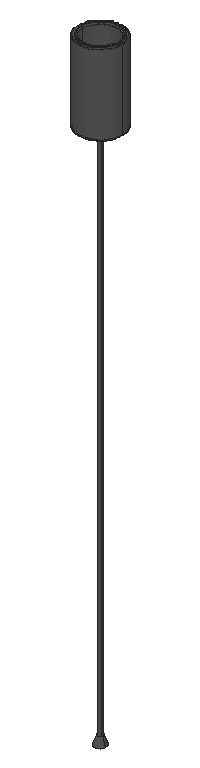
Revit family "CARLO CYLINDER LIGHT Pendant_ Surface", category Lighting Fixtures, host Face, Revit 2020 (continued)
Types (13): name | Wattage_Input | Wattage Comments | Wattage | built-in parameter 1150134 | Size 08 | Size 04 | Photometric Web File | built-in parameter 1150142 | Model | built-in parameter 1150105 | Lumens | built-in parameter 1150107 | built-in parameter 1150106 | Fixture Height | Fixture Diameter | BEAMING ANGLE | Apparent Load
    619 3.3253 3.4884 \r\n 3.6581 3.8442 4.0335 4.2105 4.3919 4.5911 4.8032 5.0333 5.2642 5.471 \r\n 5.6826 5.9235 6.1819 6.4525 6.7397 7.043 7.3719 7.7276 8.1342 8.6332 \r\n 9.1736 9.7053 10.267 10.826 11.547 12.607 13.936 15.523 17.366 19.301 \r\n 21.796 24.836 29.704 37.875 48.756 62.635 78.337 94.75 111.98 129.76 \r\n 148.09 166.83 186.02 205.69 225.65 245.99 265.92 285.12 302.28 315.35 \r\n 326.29 336.33 345.67 354.96 363.97 372.59 381.11 389.89 398.61 406.91 \r\n 415.25 424.12 433.11 441.85 450.7 460 469.51 479.06 488.83 498.68 \r\n 509.26 521.49 534.32 546.93 559.45 571.75 583.82 595.6 607.1 618.26 \r\n 629.17 639.91 650.42 660.62 670.72 681.05 691.22 700.92 710.15 718.64 \r\n 726.92 735.69 744.13 751.48 758.28 764.77 771.03 777.26 783.28 788.97 \r\n 794.36 799.45 804.17 808.35 812.32 816.42 820.4 824.07 827.51 830.74 \r\n 833.81 836.89 839.76 842.24 844.42 846.29 847.92 849.53 850.74 851.18 \r\n 849.27 \r\n2.1273 851.09 850.81 850.14 849.02 847.29 845.22 843.07 840.68 837.92 \r\n 834.89 831.76 828.26 824.05 819.57 815.31 810.83 805.8 800.43 794.75 \r\n 788.96 783.42 777.67 771.32 764.61 757.54 750.42 743.74 736.95 729.56 \r\n 721.81 713.8 705.43 696.55 687.41 678.27 668.95 659.44 649.62 639.32 \r\n 628.69 617.83 606.72 595.51 583.89 571.42 558.66 546.08 533.59 521.12 \r\n 509.12 498.12 487.78 477.99 468.54 459.17 450.01 441.11 432.45 423.96 \r\n 415.75 408.11 400.48 392.22 383.94 376.23 368.47 360.07 351.44 343.39 \r\n 334.05 321.42 306.7 290.48 272.66 253.05 232.48 211.7 190.71 169.7 \r\n 148.96 128.81 109.46 91.122 74.043 58.085 44.586 35.288 28.842 24.829 \r\n 22.204 19.697 17.563 15.599 13.909 12.541 11.461 10.699 10.118 9.5891 \r\n 9.1144 8.6434 8.2031 7.8074 7.4451 7.1118 6.8013 6.5038 6.2243 5.9641 \r\n 5.7245 5.5154 5.3129 5.0891 4.8667 4.6619 4.4658 4.2768 4.0894 3.8917 \r\n 3.7013 3.5386 3.3832 3.2164 3.0527 2.902 2.7601 2.6298 2.5 2.3554 \r\n 2.2113 2.0781 1.9556 1.8514 1.7523 1.6439 1.537 1.4363 1.3453 1.2741 \r\n 1.2067 1.1315 1.0571 0.98863 0.92525 0.86898 0.81586 0.76205 0.70919 0.6564 \r\n 0.60734 0.56809 0.53041 0.48567 0.44105 0.40146 0.3651 0.332 0.30171 0.2733 \r\n 0.24818 0.22899 0.21114 0.19053 0.16847 0.14375 0.11994 0.10118 0.084542 0.06748 \r\n 0.053024 0.046164 0.038476 0.018519 0.00033901 0 0 0 0 0 \r\n 0 0 0 0 0 0 0.00011595 0.0036939 0.010093 0.020047 \r\n 0.032779 0.046209 0.06498 0.098434 0.13039 0.14188 0.15064 0.17121 0.19414 0.21352 \r\n 0.23332 0.25467 0.28022 0.31538 0.35303 0.38545 0.41984 0.46327 0.50838 0.54738 \r\n 0.58861 0.64035 0.69503 0.74653 0.79882 0.85315 0.91156 0.97769 1.048 1.1205 \r\n 1.1944 1.2666 1.3421 1.4262 1.5158 1.6122 1.7113 1.8065 1.9067 2.0208 \r\n 2.1428 2.2712 2.4026 2.5284 2.6625 2.8212 2.9877 3.1481 3.3097 3.474 \r\n 3.6444 3.8288 4.0162 4.1924 4.3748 4.5788 4.7957 5.0271 5.2585 5.4659 \r\n 5.679 5.9249 6.1883 6.4603 6.7498 7.0605 7.399 7.7653 8.1829 8.6933 \r\n 9.242 9.7704 10.332 10.909 11.657 12.752 14.118 15.731 17.605 19.584 \r\n 22.155 25.354 30.385 38.623 49.586 63.654 79.607 96.365 113.88 131.73 \r\n 150 168.59 187.64 207.39 227.54 248.14 268.29 287.55 304.61 317.31 \r\n 327.89 337.9 347.26 356.5 365.48 374.18 382.76 391.45 400.05 408.31 \r\n 416.63 425.48 434.43 443.03 451.8 461.23 470.91 480.54 490.27 499.9 \r\n 510.26 522.57 535.53 548.24 560.78 572.89 584.78 596.62 608.21 619.28 \r\n 630.08 640.86 651.38 661.33 671.21 681.65 691.97 701.62 710.76 719.15 \r\n 727.34 736.06 744.46 751.8 758.51 764.63 770.6 777.04 783.38 789.22 \r\n 794.66 799.68 804.31 808.52 812.53 816.6 820.54 824.21 827.64 830.71 \r\n 833.69 836.94 840 842.41 844.47 846.38 848.06 849.56 850.66 851.12 \r\n 849.27 \r\n2.1273 851.11 850.8 850.12 848.99 847.24 845.14 843 840.6 837.79 \r\n 834.71 831.5 827.93 823.59 819.07 815 810.75 805.76 800.41 794.88 \r\n 789.2 783.55 777.7 771.47 764.88 757.77 750.55 743.7 736.83 729.76 \r\n 722.3 714.17 705.55 696.46 687.17 678.07 668.84 659.28 649.41 639.17 \r\n 628.64 617.85 606.81 595.6 583.93 571.33 558.45 545.82 533.3 520.77 \r\n 508.62 497.27 486.59 476.71 467.3 458.06 449.04 440.16 431.49 423.06 \r\n 414.9 407.21 399.53 391.28 383.03 375.34 367.58 359.13 350.47 342.49 \r\n 333.26 320.76 306.22 290.34 272.69 252.57 231.41 210.53 189.59 168.52 \r\n 147.87 128.24 109.45 91.437 74.473 58.264 44.469 35.174 28.795 24.767 \r\n 22.124 19.633 17.526 15.594 13.931 12.571 11.495 10.744 10.17 9.6327 \r\n 9.1466 8.6739 8.2339 7.8362 7.4722 7.1392 6.8293 6.5316 6.252 5.9922 \r\n 5.7533 5.5456 5.3436 5.116 4.8903 4.6877 4.4948 4.3062 4.1181 3.9185 \r\n 3.7268 3.5662 3.4128 3.2444 3.0782 2.9251 2.7824 2.656 2.5305 2.3862 \r\n 2.242 2.1117 1.9908 1.8826 1.7781 1.6658 1.5561 1.4544 1.3633 1.2932 \r\n 1.2263 1.1501 1.0748 1.0073 0.94553 0.89138 0.83959 0.78388 0.72916 0.67821 \r\n 0.63116 0.59097 0.55195 0.50729 0.46333 0.42536 0.38979 0.35358 0.32033 0.29352 \r\n 0.27049 0.25074 0.2314 0.20876 0.18497 0.15969 0.13674 0.12222 0.10905 0.08993 \r\n 0.071688 0.0622 0.051056 0.024494 0.00045376 0 0 0 0 0 \r\n 0 0 0 0 0 0 0.000032 0.00066866 0.0027948 0.0072918 \r\n 0.014745 0.023617 0.041154 0.082693 0.12242 0.13126 0.13437 0.15001 0.16981 0.19164 \r\n 0.21499 0.23708 0.26256 0.29729 0.33488 0.36916 0.40543 0.44897 0.49372 0.53246 \r\n 0.57393 0.62749 0.68403 0.73589 0.78805 0.84224 0.90046 0.96621 1.0367 1.1113 \r\n 1.1871 1.2583 1.3325 1.4169 1.5079 1.6069 1.7068 1.7954 1.889 2.0041 \r\n 2.1279 2.2526 2.3795 2.5024 2.6361 2.8014 2.9748 3.1355 3.2958 3.4609 \r\n 3.6319 3.815 4.0011 4.1772 4.3609 4.5689 4.7899 5.0223 5.2541 5.4624 \r\n 5.6775 5.9272 6.1949 6.4687 6.761 7.0784 7.4253 7.8005 8.2269 8.7463 \r\n 9.301 9.8255 10.386 10.977 11.748 12.873 14.27 15.905 17.807 19.826 \r\n 22.461 25.781 30.929 39.198 50.202 64.395 80.537 97.599 115.4 133.35 \r\n 151.62 170.09 189.05 208.9 229.22 250.04 270.37 289.65 306.62 319.02 \r\n 329.32 339.29 348.68 357.88 366.82 375.58 384.2 392.78 401.26 409.49 \r\n 417.8 426.62 435.52 444 452.69 462.24 472.06 481.76 491.49 500.92 \r\n 511.1 523.45 536.53 549.33 561.91 573.85 585.57 597.47 609.13 620.11 \r\n 630.82 641.63 652.15 661.88 671.56 682.09 692.53 702.14 711.19 719.51 \r\n 727.62 736.27 744.61 751.97 758.63 764.43 770.13 776.74 783.35 789.35 \r\n 794.89 799.83 804.37 808.64 812.72 816.76 820.65 824.34 827.76 830.71 \r\n 833.59 836.99 840.21 842.56 844.53 846.49 848.2 849.6 850.59 851.07 \r\n 849.27 \r\n2.1273 851.15 850.82 850.09 848.92 847.17 845.08 842.91 840.47 837.63 \r\n 834.51 831.27 827.65 823.27 818.75 814.83 810.75 805.8 800.5 795.17 \r\n 789.63 783.79 777.74 771.6 765.16 758.11 750.89 743.89 736.91 730 \r\n 722.72 714.5 705.72 696.52 687.15 678.03 668.79 659.17 649.26 639.04 \r\n 628.55 617.81 606.8 595.58 583.88 571.23 558.3 545.63 533.07 520.5 \r\n 508.28 496.73 485.87 475.93 466.52 457.37 448.44 439.57 430.9 422.5 \r\n 414.35 406.59 398.85 390.62 382.4 374.72 366.93 358.42 349.69 341.67 \r\n 332.47 320.17 305.84 290.09 272.44 252 230.51 209.58 188.71 167.69 \r\n 147.17 127.85 109.39 91.606 74.765 58.498 44.583 35.212 28.772 24.708 \r\n 22.051 19.571 17.487 15.58 13.941 12.588 11.515 10.775 10.208 9.6637 \r\n 9.1678 8.69 8.2469 7.8483 7.4845 7.1521 6.8426 6.5441 6.2639 6.0055 \r\n 5.7682 5.5605 5.3575 5.1273 4.8995 4.6981 4.5069 4.3185 4.1301 3.9296 \r\n 3.7372 3.5774 3.4247 3.2553 3.088 2.9342 2.7912 2.6659 2.5418 2.3981 \r\n 2.2546 2.1267 2.0076 1.8975 1.7904 1.6771 1.5669 1.4658 1.3754 1.3055 \r\n 1.2386 1.162 1.0865 1.0197 0.95887 0.90612 0.85521 0.79828 0.74231 0.69226 \r\n 0.64624 0.60536 0.56554 0.52116 0.47795 0.44132 0.40654 0.36867 0.33373 0.30773 \r\n 0.28572 0.26522 0.24469 0.22093 0.19637 0.17107 0.14892 0.13688 0.1257 0.10565 \r\n 0.085079 0.072391 0.05764 0.027398 0.00052033 0 0 0 0 0 \r\n 0 0 0 0 0 0 0.000005 0 0.00040986 0.0034866 \r\n 0.0094144 0.016107 0.03263 0.077356 0.12027 0.1282 0.12901 0.14188 0.15979 0.18325 \r\n 0.20892 0.23181 0.2575 0.29173 0.32894 0.36415 0.40136 0.44465 0.48891 0.52749 \r\n 0.56912 0.62357 0.68109 0.73348 0.78584 0.83973 0.89747 0.96269 1.033 1.1087 \r\n 1.1854 1.2559 1.3294 1.4138 1.5053 1.6055 1.7057 1.7916 1.8824 1.9987 \r\n 2.1218 2.2439 2.3681 2.4905 2.625 2.7925 2.968 3.1288 3.2889 3.4541 \r\n 3.6252 3.8079 3.9938 4.1707 4.3555 4.5652 4.7877 5.0203 5.2522 5.462 \r\n 5.6786 5.929 6.1974 6.4733 6.7683 7.0893 7.4401 7.8188 8.2485 8.771 \r\n 9.3277 9.8499 10.409 11.006 11.786 12.925 14.337 15.983 17.898 19.942 \r\n 22.605 25.957 31.126 39.382 50.366 64.542 80.706 97.895 115.85 133.94 \r\n 152.32 170.79 189.77 209.72 230.17 251.12 271.56 290.84 307.75 320.03 \r\n 330.2 340.14 349.54 358.7 367.62 376.37 384.97 393.45 401.82 410.02 \r\n 418.33 427.09 435.93 444.35 453 462.57 472.43 482.18 491.93 501.29 \r\n 511.4 523.75 536.86 549.72 562.33 574.22 585.87 597.79 609.47 620.4 \r\n 631.06 641.88 652.4 662.02 671.59 682.15 692.62 702.17 711.13 719.43 \r\n 727.5 736.04 744.29 751.68 758.37 764.01 769.56 776.19 782.92 789.16 \r\n 794.9 799.78 804.22 808.57 812.73 816.75 820.6 824.33 827.78 830.67 \r\n 833.51 836.99 840.3 842.64 844.6 846.57 848.29 849.64 850.59 851.08 \r\n 849.27 \r\n2.1273 851.24 850.88 850.07 848.81 847.09 845.03 842.81 840.3 837.43 \r\n 834.3 831.06 827.46 823.12 818.66 814.83 810.84 805.95 800.73 795.66 \r\n 790.28 784.15 777.78 771.72 765.47 758.58 751.45 744.35 737.22 730.31 \r\n 723.05 714.78 705.97 696.78 687.4 678.17 668.82 659.14 649.19 638.95 \r\n 628.45 617.72 606.72 595.49 583.78 571.16 558.25 545.56 532.95 520.35 \r\n 508.12 496.59 485.73 475.73 466.28 457.16 448.28 439.42 430.74 422.34 \r\n 414.17 406.32 398.5 390.3 382.12 374.4 366.56 357.98 349.16 340.99 \r\n 331.73 319.69 305.61 289.77 271.93 251.39 229.86 208.96 188.17 167.31 \r\n 146.95 127.7 109.31 91.635 74.921 58.806 44.966 35.427 28.783 24.657 \r\n 21.987 19.513 17.449 15.561 13.938 12.59 11.52 10.789 10.229 9.6806 \r\n 9.1764 8.6899 8.24 7.8416 7.4801 7.1485 6.8391 6.5391 6.2578 6.002 \r\n 5.7671 5.5577 5.3522 5.1208 4.8923 4.6908 4.4998 4.3114 4.123 3.9227 \r\n 3.7304 3.5698 3.4163 3.2469 3.0799 2.9271 2.7846 2.6573 2.5313 2.3883 \r\n 2.2466 2.1205 2.0031 1.8937 1.7873 1.6761 1.5683 1.4691 1.3801 1.3098 \r\n 1.2425 1.1662 1.0912 1.0246 0.96404 0.91185 0.86132 0.80399 0.74745 0.69721 \r\n 0.65105 0.60981 0.56983 0.52595 0.48351 0.44785 0.41385 0.37601 0.34085 0.3148 \r\n 0.29252 0.2711 0.24971 0.2259 0.20168 0.17701 0.15552 0.14391 0.13297 0.11332 \r\n 0.092134 0.075738 0.057345 0.026797 0.00053117 0 0 0 0 0 \r\n 0 0 0 0 0 0 0.000042 0.00091503 0.003657 0.0099374 \r\n 0.018648 0.025918 0.041706 0.084011 0.12485 0.13382 0.13617 0.14878 0.16632 0.1904 \r\n 0.21694 0.24065 0.2668 0.3005 0.33699 0.37205 0.40912 0.45175 0.4954 0.53393 \r\n 0.57564 0.6299 0.68737 0.74046 0.79338 0.8468 0.90376 0.96829 1.038 1.1135 \r\n 1.1902 1.2605 1.3336 1.4177 1.5088 1.6083 1.7081 1.795 1.8864 2.0009 \r\n 2.122 2.2445 2.3703 2.4953 2.6314 2.796 2.9682 3.1291 3.2898 3.4546 \r\n 3.6254 3.8087 3.9955 4.174 4.3598 4.5684 4.7894 5.0213 5.2531 5.4648 \r\n 5.6826 5.9297 6.195 6.4731 6.7709 7.0918 7.4411 7.8175 8.2443 8.7636 \r\n 9.3177 9.8399 10.399 10.99 11.765 12.899 14.308 15.951 17.864 19.915 \r\n 22.568 25.853 30.938 39.134 50.034 64.035 80.035 97.149 115.12 133.38 \r\n 151.97 170.6 189.69 209.75 230.27 251.28 271.74 291.01 307.91 320.24 \r\n 330.46 340.38 349.74 358.9 367.8 376.48 384.99 393.35 401.63 409.82 \r\n 418.11 426.81 435.58 444 452.65 462.13 471.92 481.68 491.48 500.93 \r\n 511.1 523.4 536.45 549.32 561.97 573.91 585.61 597.51 609.15 620.08 \r\n 630.73 641.55 652.07 661.69 671.26 681.78 692.18 701.65 710.55 718.86 \r\n 726.94 735.32 743.43 750.88 757.68 763.34 768.87 775.37 782.04 788.6 \r\n 794.66 799.49 803.83 808.27 812.54 816.54 820.37 824.15 827.67 830.61 \r\n 833.47 836.94 840.23 842.65 844.67 846.63 848.33 849.7 850.68 851.15 \r\n 849.27 \r\n2.1273 851.34 850.97 850.03 848.67 847 844.99 842.69 840.09 837.19 \r\n 834.06 830.84 827.29 823.04 818.67 814.9 810.96 806.13 801.02 796.25 \r\n 791.07 784.56 777.79 771.8 765.78 759.13 752.16 744.95 737.64 730.62 \r\n 723.29 715.01 706.22 697.1 687.75 678.38 668.84 659.09 649.1 638.8 \r\n 628.26 617.52 606.52 595.27 583.56 571.02 558.18 545.45 532.8 520.21 \r\n 508.02 496.6 485.85 475.81 466.29 457.19 448.34 439.49 430.81 422.39 \r\n 414.17 406.2 398.28 390.13 382 374.23 366.29 357.63 348.7 340.29 \r\n 330.88 319.13 305.33 289.25 271.11 250.59 229.15 208.32 187.63 167.01 \r\n 146.85 127.56 109.1 91.501 74.938 59.122 45.489 35.734 28.799 24.598 \r\n 21.919 19.449 17.403 15.531 13.923 12.581 11.515 10.794 10.241 9.689 \r\n 9.177 8.6795 8.2205 7.823 7.465 7.1347 6.8257 6.5236 6.241 5.9887 \r\n 5.7568 5.5447 5.3356 5.1036 4.8752 4.673 4.4813 4.2927 4.1045 3.9052 \r\n 3.7133 3.5512 3.3961 3.2271 3.0612 2.9105 2.769 2.6377 2.5078 2.3658 \r\n 2.2265 2.1021 1.9865 1.8792 1.7754 1.6681 1.5643 1.4682 1.3811 1.3101 \r\n 1.2419 1.1663 1.0922 1.0257 0.96514 0.91305 0.8626 0.80528 0.74854 0.69755 \r\n 0.65065 0.60915 0.56931 0.52614 0.48465 0.44989 0.41675 0.37981 0.34514 0.31856 \r\n 0.29535 0.27285 0.25074 0.22745 0.20417 0.18051 0.1597 0.14748 0.13588 0.11735 \r\n 0.096396 0.075573 0.05311 0.024137 0.00051033 0 0 0 0 0 \r\n 0 0 0 0 0 0 0.00011595 0.0035038 0.010141 0.022291 \r\n 0.036247 0.045594 0.060727 0.097367 0.13312 0.14437 0.1505 0.16416 0.182 0.20623 \r\n 0.23297 0.25765 0.28452 0.3176 0.35307 0.38741 0.42375 0.46546 0.50838 0.54691 \r\n 0.58866 0.64214 0.69904 0.75296 0.80669 0.85952 0.91547 0.97914 1.0481 1.1227 \r\n 1.1987 1.269 1.3421 1.4257 1.5159 1.6135 1.7121 1.8009 1.8936 2.0053 \r\n 2.1262 2.2509 2.38 2.5095 2.6478 2.8065 2.9723 3.1332 3.2954 3.4592 \r\n 3.6293 3.8139 4.0027 4.1834 4.3703 4.5762 4.7939 5.0244 5.256 5.4701 \r\n 5.689 5.9305 6.1905 6.471 6.7718 7.0905 7.4353 7.8056 8.2254 8.7372 \r\n 9.2854 9.8082 10.366 10.946 11.705 12.824 14.218 15.85 17.751 19.8 \r\n 22.417 25.569 30.495 38.591 49.355 63.072 78.786 95.709 113.62 132.09 \r\n 150.97 169.84 189.13 209.3 229.88 250.87 271.3 290.53 307.44 319.94 \r\n 330.32 340.24 349.55 358.72 367.61 376.17 384.54 392.79 400.98 409.16 \r\n 417.45 426.05 434.74 443.21 451.88 461.21 470.85 480.61 490.49 500.11 \r\n 510.42 522.65 535.58 548.42 561.11 573.19 585.01 596.86 608.42 619.36 \r\n 630.04 640.84 651.36 661.07 670.7 681.12 691.4 700.77 709.62 717.98 \r\n 726.09 734.28 742.23 749.77 756.71 762.52 768.11 774.37 780.88 787.81 \r\n 794.27 799.06 803.29 807.84 812.23 816.22 820.02 823.88 827.51 830.53 \r\n 833.45 836.85 840.08 842.61 844.76 846.69 848.35 849.77 850.8 851.27 \r\n 849.27 \r\n2.1273 851.48 851.07 849.99 848.5 846.89 844.97 842.56 839.83 836.91 \r\n 833.79 830.61 827.13 823.03 818.79 815.04 811.11 806.34 801.35 796.95 \r\n 791.98 785.02 777.76 771.85 766.07 759.74 753.01 745.69 738.16 730.94 \r\n 723.46 715.18 706.46 697.49 688.22 678.64 668.85 659.02 648.98 638.6 \r\n 627.98 617.21 606.19 594.91 583.21 570.8 558.07 545.32 532.62 520.05 \r\n 507.95 496.78 486.24 476.16 466.55 457.44 448.61 439.79 431.11 422.65 \r\n 414.36 406.25 398.21 390.11 382.04 374.19 366.13 357.37 348.31 339.57 \r\n 329.94 318.51 305 288.52 269.97 249.57 228.39 207.66 187.1 166.79 \r\n 146.88 127.43 108.77 91.206 74.817 59.445 46.152 36.13 28.82 24.532 \r\n 21.848 19.379 17.35 15.491 13.895 12.56 11.499 10.788 10.242 9.6888 \r\n 9.1695 8.6587 8.1884 7.7924 7.4394 7.1107 6.8021 6.4976 6.2133 5.9655 \r\n 5.7375 5.5214 5.3074 5.0757 4.8481 4.6446 4.4514 4.2624 4.0745 3.8769 \r\n 3.6861 3.5216 3.3641 3.1959 3.0319 2.8844 2.7443 2.6073 2.4715 2.3306 \r\n 2.1942 2.0715 1.9579 1.8539 1.7545 1.6531 1.555 1.4631 1.3784 1.3062 \r\n 1.2369 1.1623 1.0895 1.0231 0.96216 0.90973 0.85903 0.80213 0.74556 0.69327 \r\n 0.64504 0.60338 0.56396 0.52173 0.48136 0.44744 0.41526 0.38007 0.3466 0.31901 \r\n 0.29419 0.27047 0.2478 0.22558 0.20385 0.18159 0.16144 0.14757 0.13442 0.11776 \r\n 0.097865 0.071895 0.044934 0.019417 0.00045858 0 0 0 0 0 \r\n 0 0 0 0 0 0 0.00022726 0.0074112 0.019861 0.040546 \r\n 0.062212 0.075136 0.089691 0.11743 0.14509 0.15984 0.17202 0.18799 0.20686 0.23075 \r\n 0.257 0.28281 0.31067 0.34303 0.3772 0.41023 0.44527 0.48579 0.52784 0.56644 \r\n 0.60819 0.66031 0.71609 0.77099 0.82577 0.87787 0.93258 0.99526 1.0631 1.1363 \r\n 1.2112 1.2816 1.3549 1.4377 1.5264 1.6211 1.7177 1.8092 1.9039 2.0151 \r\n 2.1358 2.2637 2.3973 2.533 2.6742 2.8241 2.9802 3.1413 3.3055 3.468 \r\n 3.6371 3.8236 4.0152 4.1989 4.3871 4.5886 4.8012 5.0296 5.2609 5.4777 \r\n 5.6978 5.9314 6.1838 6.4671 6.771 7.0854 7.4226 7.783 8.1918 8.6919 \r\n 9.2308 9.7549 10.311 10.873 11.608 12.7 14.067 15.68 17.559 19.596 \r\n 22.152 25.104 29.798 3
